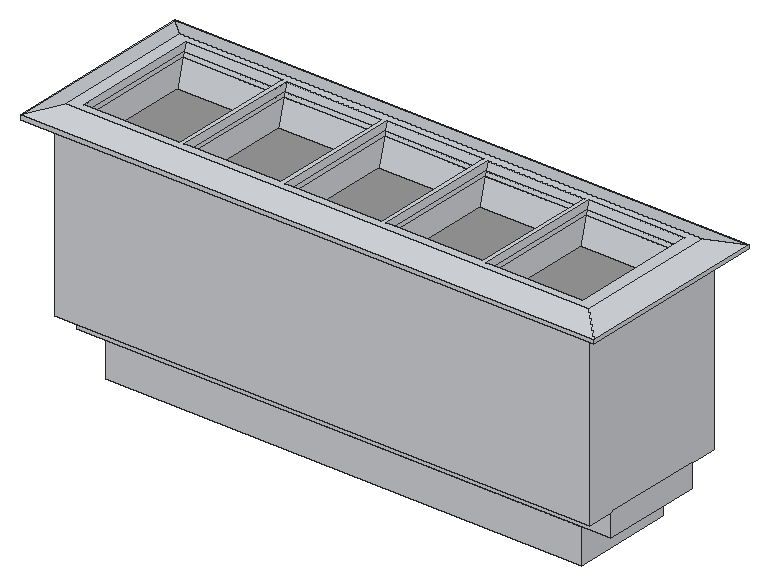
Revit family "2061398 Sylvania Lighting Fixture DOMINO 5xLED 930 BLACK NB TRIM WHITE DALI", category Lighting Fixtures, host Face, Revit 2018
Family settings
  Host = Face
  Round Connector Dimension = Use Diameter
  Part Type = Normal
  OmniClass Number = 23.80.70.00
  OmniClass Title = Lighting
  Cut with Voids When Loaded = No
  Light Source = Yes
  Shared = No
  Room Calculation Point = No
Parameters (values of type "2061398 DOMINO 5XLED 930 BLACK NB TR WHT DALI")
  top top width = 15.812 mm
  top top length = 123 mm
  Width = 50 mm
  Weight = "n/a"
  Wattage Comments = ""
  Wattage = 9.2903 W
  WarrantyStartDate [instance] = "n/a"
  WarrantyGuarantorParts = "n/a"
  WarrantyDurationUnit = "n/a"
  WarrantyDurationParts = ""
  WarrantyDescription = "http://www.sylvania-lighting.com"
  built-in parameter 1150110 = 1 (stored number, unit not read)
  Voltage = 0 V
  URL = "0.96"
  TypeName = "DOMINO 5xLED 930 BLACK NB TRIM WHITE DALI"
  Type Image = <None>
  Type Comments = "n/a"
  built-in parameter 1114217 = 1 (stored number, unit not read)
  Top Width = 26 mm
  Tilt Angle = 90.00°
  built-in parameter 1150109 = 1 (stored number, unit not read)
  built-in parameter 1150134 = 3
  built-in parameter 1150113 = 1 (stored number, unit not read)
  SerialNumber [instance] = "n/a"
  Recessed Width = 43 mm
  Recessed Length = 143 mm
  Photometric Web File = "2061398.ies"
  Material_3_FEILO = none
  PowerFactor = 0
  PowerConsumption = "Lighting"
  NominalLength = 50 mm
  NominalHeight = 0 mm
  NominalDepth = 0 mm
  Name = "DOMINO 5xLED 930 BLACK NB TRIM WHITE DALI"
  ModelReference = Name  # "DOMINO 5xLED 930 BLACK NB TRIM WHITE DALI"
  ModelNumber = "2061398"
  Model = Name  # "DOMINO 5xLED 930 BLACK NB TRIM WHITE DALI"
  Material = "Feilo Sylvania"
  ManufacturerName = "62 lm/W"
  Manufacturer = ""
  LuminousEfficacy = ""
  built-in parameter 1150105 = 109.82 (stored number, unit not read)
  Lumens = 1380 lm
  LuminaireType = "0"
  built-in parameter 1150115 = 1 (stored number, unit not read)
  LightOutputRatio = "LED"
  built-in parameter 1150137 = (empty or 0)
  built-in parameter 1150139 = (empty or 0)
  Lens inside recess = 25 mm
  Lens Width = 32 mm
  Lens Outside recess = 31.978 mm
  Lens = Glass, White, High Luminance
  Length = 148 mm
  LampsType = Lamp  # "n/a"
  LampNominalLuminous = "3000 K"
  LampMacAdamStep = "90"
  LampColourTemperature = "LED"
  LampColourRenderingIndex = "16500"
  built-in parameter 1150112 = 1 (stored number, unit not read)
  built-in parameter 1150114 = 1 (stored number, unit not read)
  Lamp = "n/a"
  Keynote = "n/a"
  InstallationDate [instance] = "n/a"
  InputVoltage = "0"
  InputNominalFrequency = "3000"
  built-in parameter 1150132 = (empty or 0)
  built-in parameter 1150102 = (empty or 0)
  built-in parameter 1150107 = 3200 (stored number, unit not read)
  built-in parameter 1150138 = (empty or 0)
  IngressProtection = "IfcLightFixtureType"
  ImpactProtectionIndex = "IfcLightFixtureType"
  built-in parameter 1150106 = 1.0982 (stored number, unit not read)
  IfcExportType = "IfcLightFixtureType"
  IfcExportAs = "Class II"
  Facia internal width = 37 mm
  Facia internal length = 135 mm
  Facia Height = 2 mm
  ExpectedLife = 50000
  Emit from Circle Diameter = 609.6 mm
  Emit Shape Visible in Rendering = no
  ElectricShockClassification = "62"
  built-in parameter 1150104 = 13.8 (stored number, unit not read)
  DurationUnit = "hours"
  DocumentationLiterature = "http://www.sylvania-lighting.com/product/en-int/products/2061398"
  DimmingControlOptions = "n/a"
  Material_2_FEILO = none
  Dimming Lamp Color Temperature Shift = <None>
  Description = "Modular LED recessed linear spotlight, ideal for retail and hospitality applications. Die-cast aluminium body, passive cooling. Two levels of reflector installation, low glaring UGR<16. 5x LED source, 15° beam angle , optics: PMMA lens and polycarbonate reflector combination, Black matt reflector finish. Light color temperature: 3000K warm white, total system power: 13W , total fixture lumen output: 800lm, efficacy: 62 lm/W, Ra90 typical, LED chromacity: 3 step MacAdam ellipse (SDCM3), lifespan: 96,000 hours at 90% of the original output (L90B10), IR/UV free light source without heat radiation, operating voltage: 220-240V / 50-60Hz, electronic driver, ultra low flicker, DALI , electrical protection: Class II. Degree of Protection: IP40/IP20, suitable for indoor environment only. Ceiling cut-out: 43x43mm, outer dimensions:  150x50mm trim frame RAL 9016 - Traffic white / Bezel color.5 years Warranty."
  Default Elevation = 1219.2 mm
  CreatedOn = "10/02/2021"
  CreatedBy = "@sylvania-lighting.com"
  Cost = 0
  Color Filter = 16777215
  built-in parameter 1114216 [instance] = (empty or 0)
  ClassificationValue = "EF_70_80"
  ClassificationName = "Uniclass2015"
  Material_1_FEILO = none
  Body Width = 40 mm
  Body Length = 138 mm
  BarCode [instance] = "n/a"
  built-in parameter 1114218 = 1 (stored number, unit not read)
  built-in parameter 1150133 = 10 (stored number, unit not read)
  AssetType = "Fixed"
  AssetIdentifier [instance] = "n/a"
  Assembly Code = "D5020200"
  Apparent Load = 13 VA
  Material_4_FEILO = none
Reference planes
  plane 1 "Center (Front/Back)": y = 0
  plane 2: z = 0
  plane 3 "Center (Left/Right)": x = 0
  plane 4: z = 0
  plane 5: z = -7
  plane 6: z = -45.895
  plane 7: z = -51.895
  plane 8: z = -60.895
  plane 9: x = -71.5
  plane 10: x = 71.5
  plane 11: y = 21.5
  plane 12: y = -21.5
  plane 13: x = -74
  plane 14: x = 74
  plane 15: y = 25
  plane 16: y = -25
  plane 17: x = 67.5
  plane 18: x = -67.5
  plane 19: y = 18.5
  plane 20: y = -18.5
  plane 21: z = 2
  plane 22: x = -69
  plane 23: x = 69
  plane 24: y = 20
  plane 25: y = -20
  plane 26: y = 13
  plane 27: y = -13
  plane 28: x = 61.5
  plane 29: x = -61.5
  plane 30: x = -65.5
  plane 31: y = 16.5
  plane 32: y = -16.472
  plane 33: x = -40.5
  plane 34: x = -41
  plane 35: x = -65
  plane 36: y = 13
  plane 37: y = -12.972
  plane 38: x = -39.5
  plane 39: x = -14.48
  plane 40: x = -13.48
  plane 41: x = 11.52
  plane 42: x = 12.52
  plane 43: x = 37.52
  plane 44: x = 38.52
  plane 45: x = 64.5
Forms (mm)
  Extrusion 1, solid, not visible, detail levels medium+fine
    sketch origin (4.2, 0, 0) x (1, 0, 0) y (0, 1, 0)
      loop
        line (-29.2, 34.5) -> (-29.2, -34.5) -> (20.8, -34.5) -> (20.8, 34.5) -> (-29.2, 34.5)
    from 0 to 1
  Extrusion 2, solid, not visible, detail levels medium+fine
    sketch origin (4.044, 0, 0) x (1, 0, 0) y (0, 1, 0)
      loop
        line (-29.2, 34.5) -> (-29.2, -34.5) -> (20.8, -34.5) -> (20.8, 34.5) -> (-29.2, 34.5)
    from 0 to 1
  Blend 3, solid, not visible, detail levels medium+fine
    base sketch origin (4.2, 0, 0) x (1, 0, 0) y (0, 1, 0)
      loop
        line (-29.2, 34.5) -> (-29.2, -34.5) -> (20.8, -34.5) -> (20.8, 34.5) -> (-29.2, 34.5)
    top sketch origin (4.2, 0, 0) x (1, 0, 0) y (0, 1, 0)
      loop
        line (-21.7, 28) -> (-21.7, -28) -> (13.3, -28) -> (13.3, 28) -> (-21.7, 28)
    from 1 to 3
  Extrusion 4, solid, not visible, detail levels medium+fine
    sketch origin (3.419, 0, 0) x (1, 0, 0) y (0, 1, 0)
      loop
        line (-29.2, 34.5) -> (-29.2, -34.5) -> (20.8, -34.5) -> (20.8, 34.5) -> (-29.2, 34.5)
    from 0 to 1
  Blend 5, solid, not visible, detail levels medium+fine
    base sketch origin (3.575, 0, 0) x (1, 0, 0) y (0, 1, 0)
      loop
        line (-29.2, 34.5) -> (-29.2, -34.5) -> (20.8, -34.5) -> (20.8, 34.5) -> (-29.2, 34.5)
    top sketch origin (3.575, 0, 0) x (1, 0, 0) y (0, 1, 0)
      loop
        line (-21.7, 28) -> (-21.7, -28) -> (13.3, -28) -> (13.3, 28) -> (-21.7, 28)
    from 1 to 3
  Extrusion 6, solid, not visible, detail levels medium+fine
    sketch origin (4.247, 0, 0) x (1, 0, 0) y (0, 1, 0)
      loop
        line (-29.2, 34.5) -> (-29.2, -34.5) -> (20.8, -34.5) -> (20.8, 34.5) -> (-29.2, 34.5)
    from 0 to 1
  Blend 7, solid, not visible, detail levels medium+fine
    base sketch origin (4.403, 0, 0) x (1, 0, 0) y (0, 1, 0)
      loop
        line (-29.2, 34.5) -> (-29.2, -34.5) -> (20.8, -34.5) -> (20.8, 34.5) -> (-29.2, 34.5)
    top sketch origin (4.403, 0, 0) x (1, 0, 0) y (0, 1, 0)
      loop
        line (-21.7, 28) -> (-21.7, -28) -> (13.3, -28) -> (13.3, 28) -> (-21.7, 28)
    from 1 to 3
  Extrusion 8, void, detail levels medium+fine
    sketch origin (4.2, 0, 0) x (0, 1, 0) y (1, 0, 0)
      loop
        line (21.5, -75.7) -> (21.5, 67.3) -> (-21.5, 67.3) -> (-21.5, -75.7) -> (21.5, -75.7)
    from -9.934 to 83.097
  Extrusion 9, solid, detail levels medium+fine
    sketch origin (4.2, 0, 0) x (1, 0, 0) y (0, 1, 0)
      loop
        line (-78.2, 25) -> (-78.2, -25) -> (69.8, -25) -> (69.8, 25) -> (-78.2, 25)
    from 0 to 1
  Extrusion 10, solid, detail levels medium+fine
    sketch origin (4.2, 0, 0) x (1, 0, 0) y (0, 1, 0)
      loop
        line (-73.2, 20) -> (-73.2, -20) -> (64.8, -20) -> (64.8, 20) -> (-73.2, 20)
    from 0 to -45.895
  Extrusion 11, solid, detail levels medium+fine
    sketch origin (4.2, 0, 0) x (1, 0, 0) y (0, 1, 0)
      loop
        line (-73.2, 13) -> (-73.2, -13) -> (64.8, -13) -> (64.8, 13) -> (-73.2, 13)
    from -51.895 to -45.895
  Extrusion 12, solid, material "Glass, White, High Luminance" <- "Lens", detail levels fine
    sketch origin (11.874, 1219.733, 36.156) x (1, 0, 0) y (0, 1, 0)
      loop
        line (-75.883, -1206.7) -> (-75.883, -1232.733) -> (-51.887, -1232.733) -> (-51.887, -1206.7) -> (-75.883, -1206.7)
    from -43.156 to -42.182
  Blend 13, solid, detail levels medium+fine
    base sketch origin (4.2, 0, 0) x (1, 0, 0) y (0, 1, 0)
      loop
        line (-78.2, 25) -> (-78.2, -25) -> (69.8, -25) -> (69.8, 25) -> (-78.2, 25)
    top sketch origin (4.2, 0, 0) x (1, 0, 0) y (0, 1, 0)
      loop
        line (-71.7, 18.5) -> (-71.7, -18.5) -> (63.3, -18.5) -> (63.3, 18.5) -> (-71.7, 18.5)
    from 1 to 3
  Extrusion 14, solid, detail levels fine
    sketch origin (0, 0, 0) x (1, 0, 0) y (0, 0, 1)
      loop
        line (-61.5, -51.895) -> (-61.5, -60.895) -> (61.5, -60.895) -> (61.5, -51.895) -> (-61.5, -51.895)
    from -13 to 13
  Blend 15, void
    base sketch origin (5.187, 0, 0) x (0, 1, 0) y (-1, 0, 0)
      loop
        line (16.5, 69.7) -> (-16.472, 69.7) -> (-16.472, 44.7) -> (16.5, 44.7) -> (16.5, 69.7)
    top sketch origin (5.187, 0, 0) x (0, 1, 0) y (-1, 0, 0)
      loop
        line (13, 69.2) -> (-12.972, 69.2) -> (-12.972, 45.2) -> (13, 45.2) -> (13, 69.2)
    from 3 to -7
  Blend 16, void
    base sketch origin (31.202, 0, 0) x (0, 1, 0) y (-1, 0, 0)
      loop
        line (16.5, 69.7) -> (-16.472, 69.7) -> (-16.472, 44.7) -> (16.5, 44.7) -> (16.5, 69.7)
    top sketch origin (31.202, 0, 0) x (0, 1, 0) y (-1, 0, 0)
      loop
        line (13, 69.2) -> (-12.972, 69.2) -> (-12.972, 45.2) -> (13, 45.2) -> (13, 69.2)
    from 3 to -7
  Blend 17, void
    base sketch origin (57.213, -0.017, 0) x (0, 1, 0) y (-1, 0, 0)
      loop
        line (16.5, 69.7) -> (-16.472, 69.7) -> (-16.472, 44.7) -> (16.5, 44.7) -> (16.5, 69.7)
    top sketch origin (57.213, -0.017, 0) x (0, 1, 0) y (-1, 0, 0)
      loop
        line (13, 69.2) -> (-12.972, 69.2) -> (-12.972, 45.2) -> (13, 45.2) -> (13, 69.2)
    from 3 to -7
  Blend 18, void
    base sketch origin (83.222, 0, 0) x (0, 1, 0) y (-1, 0, 0)
      loop
        line (16.5, 69.7) -> (-16.472, 69.7) -> (-16.472, 44.7) -> (16.5, 44.7) -> (16.5, 69.7)
    top sketch origin (83.222, 0, 0) x (0, 1, 0) y (-1, 0, 0)
      loop
        line (13, 69.2) -> (-12.972, 69.2) -> (-12.972, 45.2) -> (13, 45.2) -> (13, 69.2)
    from 3 to -7
  Blend 19, void
    base sketch origin (109.202, 0, 0) x (0, 1, 0) y (-1, 0, 0)
      loop
        line (16.5, 69.7) -> (-16.472, 69.7) -> (-16.472, 44.7) -> (16.5, 44.7) -> (16.5, 69.7)
    top sketch origin (109.202, 0, 0) x (0, 1, 0) y (-1, 0, 0)
      loop
        line (13, 69.2) -> (-12.972, 69.2) -> (-12.972, 45.2) -> (13, 45.2) -> (13, 69.2)
    from 3 to -7
  Extrusion 20, solid, material "Glass, White, High Luminance" <- "Lens", detail levels fine
    sketch origin (37.889, 1219.733, 36.156) x (1, 0, 0) y (0, 1, 0)
      loop
        line (-75.883, -1206.7) -> (-75.883, -1232.733) -> (-51.887, -1232.733) -> (-51.887, -1206.7) -> (-75.883, -1206.7)
    from -43.156 to -42.182
  Extrusion 21, solid, material "Glass, White, High Luminance" <- "Lens", detail levels fine
    sketch origin (63.896, 1219.733, 36.156) x (1, 0, 0) y (0, 1, 0)
      loop
        line (-75.883, -1206.7) -> (-75.883, -1232.733) -> (-51.887, -1232.733) -> (-51.887, -1206.7) -> (-75.883, -1206.7)
    from -43.156 to -42.182
  Extrusion 22, solid, material "Glass, White, High Luminance" <- "Lens", detail levels fine
    sketch origin (89.905, 1219.733, 36.156) x (1, 0, 0) y (0, 1, 0)
      loop
        line (-75.883, -1206.7) -> (-75.883, -1232.733) -> (-51.887, -1232.733) -> (-51.887, -1206.7) -> (-75.883, -1206.7)
    from -43.156 to -42.182
  Extrusion 23, solid, material "Glass, White, High Luminance" <- "Lens", detail levels fine
    sketch origin (115.886, 1219.733, 36.156) x (1, 0, 0) y (0, 1, 0)
      loop
        line (-75.883, -1206.7) -> (-75.883, -1232.733) -> (-51.887, -1232.733) -> (-51.887, -1206.7) -> (-75.883, -1206.7)
    from -43.156 to -42.182
  Extrusion 24, solid, detail levels coarse
    sketch origin (4.2, 0, 0) x (1, 0, 0) y (0, 1, 0)
      loop
        line (-78.2, 25) -> (-78.2, -25) -> (69.8, -25) -> (69.8, 25) -> (-78.2, 25)
    from 3 to -60.895
Cuts and joins
  Blend 15, Blend 16, Blend 17, Blend 18, Blend 19 cuts Extrusion 9
  Blend 15, Blend 16, Blend 17, Blend 18, Blend 19 cuts Extrusion 10
  Blend 15, Blend 16, Blend 17, Blend 18, Blend 19 cuts Blend 13
Dimensions and locks
  "Recessed Length": plane 9 to plane 10
  equal spacing: plane 9, plane 3 "Center (Left/Right)", plane 10
  "Length": plane 13 to plane 14
  equal spacing: plane 13, plane 3 "Center (Left/Right)", plane 14
  "Recessed Width": plane 11 to plane 12
  equal spacing: plane 11, plane 1 "Center (Front/Back)", plane 12
  "Width": plane 15 to plane 16
  equal spacing: plane 15, plane 1 "Center (Front/Back)", plane 16
  "Facia internal length": plane 18 to plane 17
  equal spacing: plane 18, plane 3 "Center (Left/Right)", plane 17
  "Facia internal width": plane 19 to plane 20
  equal spacing: plane 19, plane 1 "Center (Front/Back)", plane 20
  "Facia Height": plane 21 to host face
  "Body Length": plane 22 to plane 23
  equal spacing: plane 22, plane 3 "Center (Left/Right)", plane 23
  "Body Width": plane 24 to plane 25
  equal spacing: plane 24, plane 1 "Center (Front/Back)", plane 25
  "Top Width": plane 26 to plane 27
  equal spacing: plane 26, plane 1 "Center (Front/Back)", plane 27
  "top top length": plane 29 to plane 28
  equal spacing: plane 29, plane 3 "Center (Left/Right)", plane 28  (x2)
  plane 28 to plane 29 = 123 mm
  equal spacing: plane 28, plane 3 "Center (Left/Right)", plane 29
  aligned and locked: plane 2 to host face
  aligned and locked: level to host face
  aligned and locked: Extrusion 11 to plane 7
  aligned and locked: Extrusion 10 to plane 6
  aligned and locked: Extrusion 12 to plane 5
Automatic sketch dimensions
  Extrusion 1 sketch curve to Extrusion 1 sketch curve = 50 mm
  Extrusion 1 sketch curve to Extrusion 1 sketch curve = 69 mm
  Extrusion 2 sketch curve to Extrusion 2 sketch curve = 50 mm
  Extrusion 2 sketch curve to Extrusion 2 sketch curve = 69 mm
  Blend 3 sketch curve to Blend 3 sketch curve = 50 mm
  Blend 3 sketch curve to Blend 3 sketch curve = 69 mm
  Blend 3 sketch curve to Blend 3 sketch curve = 35 mm
  Blend 3 sketch curve to Blend 3 sketch curve = 56 mm
  Extrusion 4 sketch curve to Extrusion 4 sketch curve = 50 mm
  Extrusion 4 sketch curve to Extrusion 4 sketch curve = 69 mm
  Blend 5 sketch curve to Blend 5 sketch curve = 50 mm
  Blend 5 sketch curve to Blend 5 sketch curve = 69 mm
  Blend 5 sketch curve to Blend 5 sketch curve = 35 mm
  Blend 5 sketch curve to Blend 5 sketch curve = 56 mm
  Extrusion 6 sketch curve to Extrusion 6 sketch curve = 50 mm
  Extrusion 6 sketch curve to Extrusion 6 sketch curve = 69 mm
  Blend 7 sketch curve to Blend 7 sketch curve = 50 mm
  Blend 7 sketch curve to Blend 7 sketch curve = 69 mm
  Blend 7 sketch curve to Blend 7 sketch curve = 35 mm
  Blend 7 sketch curve to Blend 7 sketch curve = 56 mm
  host sketch curve to host sketch curve = 2438.4 mm  (x2)
  Extrusion 8 sketch curve to plane 9 = 0 mm
  Extrusion 8 sketch curve to plane 12 = 0 mm
  Extrusion 8 sketch curve to plane 11 = 0 mm
  Extrusion 8 sketch curve to plane 10 = 0 mm
  Extrusion 9 sketch curve to plane 13 = 0 mm
  Extrusion 9 sketch curve to plane 14 = 0 mm
  Extrusion 9 sketch curve to plane 16 = 0 mm
  Extrusion 9 sketch curve to plane 15 = 0 mm
  Extrusion 10 sketch curve to plane 22 = 0 mm
  Extrusion 10 sketch curve to plane 23 = 0 mm
  Extrusion 10 sketch curve to plane 25 = 0 mm
  Extrusion 10 sketch curve to plane 24 = 0 mm
  Extrusion 11 sketch curve to plane 22 = 0 mm
  Extrusion 11 sketch curve to plane 23 = 0 mm
  Extrusion 11 sketch curve to plane 27 = 0 mm
  Extrusion 11 sketch curve to plane 26 = 0 mm
  Extrusion 12 sketch curve to plane 27 = 0 mm
  plane 35 to Extrusion 12 sketch curve = 0.991 mm
  plane 26 to Extrusion 12 sketch curve = 0.033 mm
  plane 33 to Extrusion 12 sketch curve = 0.487 mm
  Blend 13 sketch curve to plane 13 = 0 mm
  Blend 13 sketch curve to plane 14 = 0 mm
  Blend 13 sketch curve to plane 16 = 0 mm
  Blend 13 sketch curve to plane 15 = 0 mm
  Blend 13 sketch curve to plane 18 = 0 mm
  Blend 13 sketch curve to plane 17 = 0 mm
  Blend 13 sketch curve to plane 20 = 0 mm
  Blend 13 sketch curve to plane 19 = 0 mm
  Extrusion 14 sketch curve to plane 8 = 0 mm
  Extrusion 14 sketch curve to plane 29 = 0 mm
  Extrusion 14 sketch curve to plane 28 = 0 mm
  Extrusion 14 sketch curve to plane 7 = 0 mm
  Blend 15 sketch curve to plane 32 = 0 mm
  Blend 15 sketch curve to plane 31 = 0 mm
  Blend 15 sketch curve to plane 38 = 0.013 mm
  plane 35 to Blend 15 sketch curve = 0.487 mm
  Blend 15 sketch curve to plane 37 = 0 mm
  Blend 15 sketch curve to plane 26 = 0 mm
  plane 33 to Blend 15 sketch curve = 0.487 mm
  plane 35 to Blend 15 sketch curve = 0.987 mm
  Blend 16 sketch curve to plane 32 = 0 mm
  Blend 16 sketch curve to plane 31 = 0 mm
  Blend 16 sketch curve to plane 40 = 0.018 mm
  plane 38 to Blend 16 sketch curve = 1.002 mm
  Blend 16 sketch curve to plane 37 = 0 mm
  Blend 16 sketch curve to plane 26 = 0 mm
  plane 39 to Blend 16 sketch curve = 0.482 mm
  plane 38 to Blend 16 sketch curve = 1.502 mm
  Blend 17 sketch curve to plane 32 = 0.017 mm
  Blend 17 sketch curve to plane 31 = 0.017 mm
  Blend 17 sketch curve to plane 42 = 0.007 mm
  plane 40 to Blend 17 sketch curve = 0.993 mm
  plane 27 to Blend 17 sketch curve = 0.011 mm
  Blend 17 sketch curve to plane 26 = 0.017 mm
  plane 41 to Blend 17 sketch curve = 0.493 mm
  plane 40 to Blend 17 sketch curve = 1.493 mm
  plane 32 to Blend 18 sketch curve = 0 mm
  plane 31 to Blend 18 sketch curve = 0 mm
  plane 44 to Blend 18 sketch curve = 0.002 mm
  plane 42 to Blend 18 sketch curve = 1.002 mm
  plane 37 to Blend 18 sketch curve = 0 mm
  plane 26 to Blend 18 sketch curve = 0 mm
  Blend 18 sketch curve to plane 44 = 0.498 mm
  plane 42 to Blend 18 sketch curve = 1.502 mm
  Blend 19 sketch curve to plane 32 = 0 mm
  Blend 19 sketch curve to plane 31 = 0 mm
  plane 45 to Blend 19 sketch curve = 0.002 mm
  plane 44 to Blend 19 sketch curve = 0.982 mm
  Blend 19 sketch curve to plane 37 = 0 mm
  Blend 19 sketch curve to plane 26 = 0 mm
  Blend 19 sketch curve to plane 45 = 0.498 mm
  plane 44 to Blend 19 sketch curve = 1.482 mm
  Extrusion 20 sketch curve to plane 27 = 0 mm
  plane 38 to Extrusion 20 sketch curve = 1.506 mm
  plane 26 to Extrusion 20 sketch curve = 0.033 mm
  plane 39 to Extrusion 20 sketch curve = 0.482 mm
  Extrusion 21 sketch curve to plane 27 = 0 mm
  plane 40 to Extrusion 21 sketch curve = 1.493 mm
  plane 26 to Extrusion 21 sketch curve = 0.033 mm
  plane 41 to Extrusion 21 sketch curve = 0.49 mm
  Extrusion 22 sketch curve to plane 27 = 0 mm
  plane 42 to Extrusion 22 sketch curve = 1.502 mm
  plane 26 to Extrusion 22 sketch curve = 0.033 mm
  plane 43 to Extrusion 22 sketch curve = 0.498 mm
  Extrusion 23 sketch curve to plane 27 = 0 mm
  plane 44 to Extrusion 23 sketch curve = 1.482 mm
  plane 26 to Extrusion 23 sketch curve = 0.033 mm
  Extrusion 23 sketch curve to plane 45 = 0.501 mm
  Extrusion 24 sketch curve to plane 13 = 0 mm
  Extrusion 24 sketch curve to plane 14 = 0 mm
  Extrusion 24 sketch curve to plane 16 = 0 mm
  Extrusion 24 sketch curve to plane 15 = 0 mm
Connectors
  electrical at (0, 0, -60.895)
    settings: on Extrusion 14, index 1, voltage 0 V, apparent load 0 VA, apparent load phase1 0 VA, apparent load phase2 0 VA, apparent load phase3 0 VA, power factor 1, load classification "Other", number of poles 1, system type 31, power factor state 1, is connector primary yes, connector utility no, sub classification motor no, connector description ""
